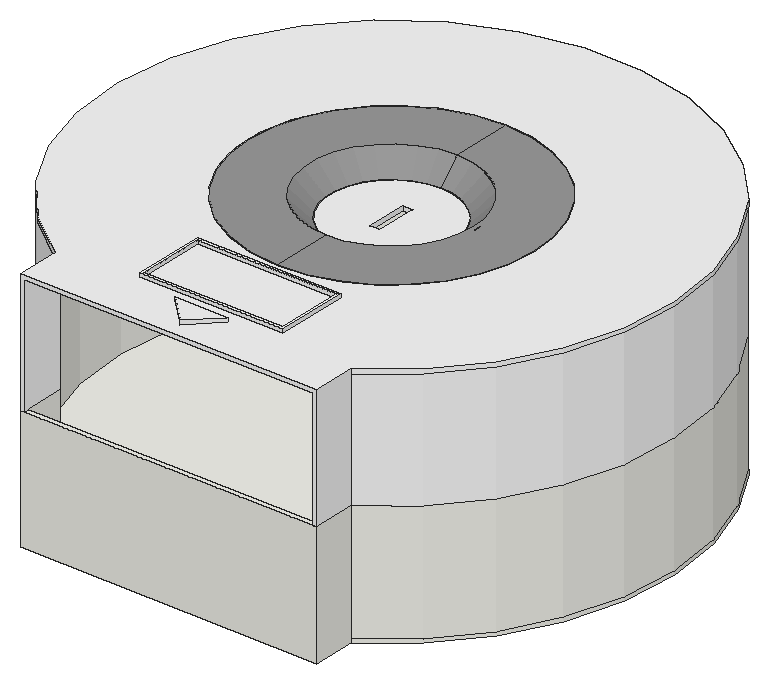
Revit family "ToiletPaperDispenser_Metlam_Jumbo", category Generic Models, host Face, Revit 2013
Parameters (values of type "Metlam Jumbo TPD")
  Width = 273 mm
  URL = "http://www.metlam.com.au/products/washroom/123"
  StyleOrType_ANZRS = "Sanitary Ware"
  Product Code = "ML 862"
  ModifiedIssue_ANZRS = 130318.01
  Model = "Jumbo"
  Material Panel = Plastic, Transparent
  Material Back = Plastic, Off White
  Material Front = Plastic, White
  Manufacturer = "Metlam"
  Keywords = "CAPACITY Standard Roll up to 108mm wide sheet x 300mm long"
  Height = 273 mm
  FilterObject_ANZRS = "Toilet Paper Dispenser"
  Description = "Large Toilet Roll Dispenser"
  Depth = 120 mm
  Default Elevation = 1219.2 mm
  CreatedBy_ANZRS = "RubySketch"
  CreatedByURL_ANZRS = "http://www.rubysketch.com/"
  CreatedByPhoneNo_ANZRS = "1300 844 728"
  Assembly Code = "E1090900"
Reference planes
  plane 1 "Center (Front/Back)": y = 0
  plane 2: z = 0
  plane 3 "Center (Left/Right)": x = 0
Forms (mm)
  Extrusion 1, solid, material "Plastic, Off White" <- "Material Back", detail levels fine
    sketch origin (0, 0, 0) x (1, 0, 0) y (0, 1, 0)
      loop
        line (72.5, 0) -> (72.5, 20.845)
        arc (72.5, 20.845) -> (0, 273) -> (-72.5, 20.845) r 136.5
        line (-72.5, 20.845) -> (-72.5, 0) -> (72.5, 0)
    from 0 to 2
  Extrusion 2, solid, material "Plastic, Off White" <- "Material Back", detail levels fine
    sketch origin (0, 0, 0) x (1, 0, 0) y (0, 1, 0)
      loop
        arc (72.5, 20.845) -> (0, 273) -> (-72.5, 20.845) r 136.5
        line (-72.5, 20.845) -> (-72.5, 0) -> (72.5, 0) -> (72.5, 20.845)
      loop
        line (-70.5, 21.957) -> (-70.5, 2) -> (70.5, 2) -> (70.5, 21.957)
        arc (70.5, 21.957) -> (0, 271) -> (-70.5, 21.957) r 134.5
    from 2 to 60
  Extrusion 3, solid, material "Plastic, White" <- "Material Front", detail levels fine
    sketch origin (0, 0, 0) x (1, 0, 0) y (0, 1, 0)
      loop
        line (72.5, 0) -> (72.5, 20.845)
        arc (72.5, 20.845) -> (0, 273) -> (-72.5, 20.845) r 136.5
        line (-72.5, 20.845) -> (-72.5, 0) -> (72.5, 0)
      loop
        circle (0, 136.5) r 70
    from 118 to 120
  Extrusion 4, solid, material "Plastic, White" <- "Material Front", detail levels fine
    sketch origin (0, 0, 0) x (1, 0, 0) y (0, 1, 0)
      loop
        arc (72.5, 20.845) -> (0, 273) -> (-72.5, 20.845) r 136.5
        line (-72.5, 20.845) -> (-72.5, 0) -> (-70.5, 0) -> (-70.5, 21.957)
        arc (-70.5, 21.957) -> (0, 271) -> (70.5, 21.957) r 134.5
        line (70.5, 21.957) -> (70.5, 0) -> (72.5, 0) -> (72.5, 20.845)
    from 60 to 118
  Revolve 5, solid, material "Plastic, Transparent" <- "Material Panel", detail levels fine
    sketch origin (0, 0, 0) x (0, 1, 0) y (0, 0, 1)
      loop
        line (66.5, 120) -> (66.5, 118) -> (96.5, 118) -> (106.5, 108) -> (106.5, 110) -> (96.5, 120) -> (66.5, 120)
      axis (136.5, 120) -> (136.5, 108)
    angle from 0 to 360
  Extrusion 6, solid, material "Plastic, White" <- "Material Front", detail levels fine
    sketch origin (0, 0, 0) x (1, 0, 0) y (0, 1, 0)
      loop
        circle (0, 136.5) r 30
      loop
        line (-2.5, 126.4) -> (2.5, 126.4) -> (2.5, 146.4) -> (-2.5, 146.4) -> (-2.5, 126.4)
    from 108 to 110
  Extrusion 7, solid, material "Plastic, White" <- "Material Front", detail levels fine
    sketch origin (0, 0, 0) x (1, 0, 0) y (0, 1, 0)
      loop
        line (-35, 26.5) -> (35, 26.5) -> (35, 61.5) -> (-35, 61.5) -> (-35, 26.5)
      loop
        line (-34, 27.5) -> (34, 27.5) -> (34, 60.5) -> (-34, 60.5) -> (-34, 27.5)
      loop
        line (-13, 20) -> (0, 7) -> (13, 20) -> (-13, 20)
    from 120 to 122
Cuts and joins
  joined: Extrusion 1, Extrusion 2
  joined: Extrusion 3, Extrusion 4
Lines and regions (mm)
  Masking region 1
    outline origin (0, 0, 0) x (1, 0, 0) y (0, 0, 1)
      loop
        line (136.5, 0) -> (136.5, 60) -> (-136.5, 60) -> (-136.5, 0) -> (136.5, 0)
  Masking region 2
    outline origin (0, 0, 0) x (1, 0, 0) y (0, 0, 1)
      loop
        line (136.5, 60) -> (136.5, 120) -> (-136.5, 120) -> (-136.5, 60) -> (136.5, 60)
  Masking region 3
    outline origin (0, 0, 0) x (1, 0, 0) y (0, 0, 1)
      loop
        line (35, 120) -> (35, 122) -> (-35, 122) -> (-35, 120) -> (35, 120)
Dimensions and locks
  aligned and locked: plane 2 to host face
  aligned and locked: level to host face
